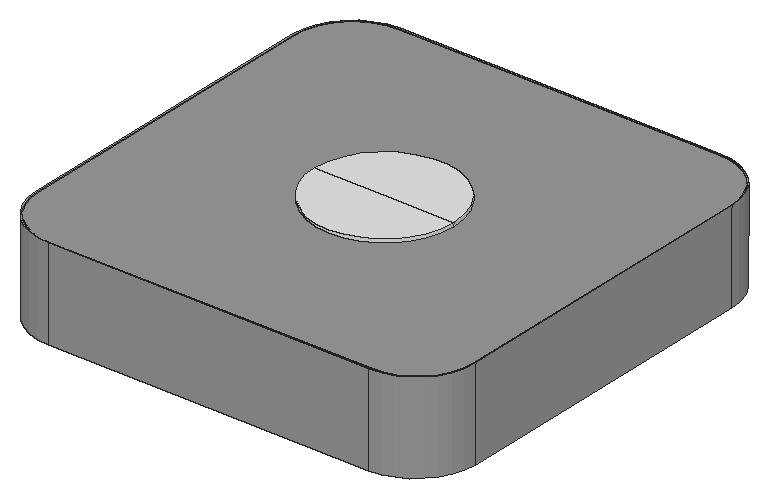
Revit family "Lighting - Lumetta - Pendant - ESM517", category Lighting Fixtures, host Ceiling, Revit 2015
Parameters
  Wattage = 11.7117 W
  built-in parameter 1150110 = 1 (stored number, unit not read)
  URL = "https://lumetta.com/luminaires/slice-surface-mount/"
  Type Comments = ""
  built-in parameter 1114217 = 1 (stored number, unit not read)
  built-in parameter 1150109 = 1 (stored number, unit not read)
  built-in parameter 1150134 = (empty or 0)
  built-in parameter 1150113 = 1 (stored number, unit not read)
  ESM517 URL [instance] = "https://lumetta.com/luminaires/slice-surface-mount/"
  Light Source Symbol Size = 0' - 1"
  Echo Bottom Material [instance] = EP5181701 Shell - D792 Mystic - BTM
  Model = "ESM517"  # constant formula
  Manufacturer = "Lumetta, Inc."  # constant formula
  Lumens = 1300 lm
  built-in parameter 1150115 = 1 (stored number, unit not read)
  built-in parameter 1150105 = 103.45 (stored number, unit not read)
  built-in parameter 1150137 = (empty or 0)
  built-in parameter 1150139 = (empty or 0)
  built-in parameter 1150112 = 1 (stored number, unit not read)
  built-in parameter 1150114 = 1 (stored number, unit not read)
  built-in parameter 1150132 = 1
  built-in parameter 1150102 = (empty or 0)
  built-in parameter 1150138 = (empty or 0)
  built-in parameter 1150107 = 3000 (stored number, unit not read)
  built-in parameter 1150106 = 1.0345 (stored number, unit not read)
  Frame Finish [instance] = Paint - Lumetta - F02 - PC_Chrome
  built-in parameter 1150104 = 10.312 (stored number, unit not read)
  Dimming Lamp Color Temperature Shift = (empty or 0)
  Echo Side Material [instance] = EP5181701 Shell - D791 Navy - Side
  Description = "Slice Surface Mount"  # constant formula
  Bottom Lens-Material [instance] = Acrylic - P95 - Etched White
  Bottom Lens [instance] = yes
  Color Filter = 16777215
  built-in parameter 1114218 = 1 (stored number, unit not read)
  built-in parameter 1150133 = 10 (stored number, unit not read)
Reference planes (in)
  plane 1 "Light Source Axis (F/B)": y = 0
  plane 2 "Ceiling": z = 96
  plane 3 "Light Source Axis (L/R)": x = 0
  plane 4 "Light Source Elevation": z = 94.875
  plane 5 "Fixture- Inner Top": z = 95.375
  plane 6 "Fixture-Inner Radius": x = 6
  plane 7: through (0, 0, 0) normal (-0.5, -0.866, 0)
  plane 8: y = 0
  plane 9: through (0, 0, 0) normal (0.5, -0.866, 0)
  plane 10 "Plane-120": through (-3, 5.19615, 0) normal (0.5, -0.866, 0)
  plane 11 "Plane-240": through (-65.35383, 30.80385, 0) normal (0.5, 0.866, 0)
  plane 12: through (0, 0, 0) normal (-0.866, -0.5, 0)
  plane 13: through (0, 0, 0) normal (0.866, -0.5, 0)
  plane 14 "Fixture-Outer Radius": x = 9
  plane 15 "Fixture- Outer Top": z = 95.875
  plane 16 "Fixture-Outer Height": z = 92.125
Forms (in)
  Revolve 1, solid, material "Paint - Lumetta - F11 - PC_White"
    sketch origin (0, 0, 0) x (1, 0, 0) y (0, 0, 1)
      loop
        line (0, 96) -> (0, 94.94) -> (3, 94.94) -> (3, 95) -> (2.875, 95) -> (2.875, 96) -> (0, 96)
      axis (0, 96) -> (0, 94.94)
    angle from 0 to 360
  Extrusion 2, solid, material "Acrylic - 2447 - White"
    sketch origin (0, 0, 95.875) x (-1, 0, 0) y (0, -1, 0)
      loop
        line (6.625, 9) -> (-6.625, 9)
        arc (-6.625, 9) -> (-8.30438, 8.30438) -> (-9, 6.625) r 2.375
        line (-9, 6.625) -> (-9, -6.625)
        arc (-9, -6.625) -> (-8.30438, -8.30438) -> (-6.625, -9) r 2.375
        line (-6.625, -9) -> (6.625, -9)
        arc (6.625, -9) -> (8.30438, -8.30438) -> (9, -6.625) r 2.375
        line (9, -6.625) -> (9, 6.625)
        arc (9, 6.625) -> (8.30438, 8.30438) -> (6.625, 9) r 2.375
    from -0.12123 to 0
  Extrusion 3, solid, material "EP5181701 Shell - D792 Mystic - BTM" <- "Echo Bottom Material"
    sketch origin (0, 0, 92.125) x (-1, 0, 0) y (0, -1, 0)
      loop
        line (9, -6.625) -> (9, 6.625)
        arc (9, 6.625) -> (8.30438, 8.30438) -> (6.625, 9) r 2.375
        line (6.625, 9) -> (-6.625, 9)
        arc (-6.625, 9) -> (-8.30438, 8.30438) -> (-9, 6.625) r 2.375
        line (-9, 6.625) -> (-9, -6.625)
        arc (-9, -6.625) -> (-8.30438, -8.30438) -> (-6.625, -9) r 2.375
        line (-6.625, -9) -> (6.625, -9)
        arc (6.625, -9) -> (8.30438, -8.30438) -> (9, -6.625) r 2.375
    from 0 to 0.125
  Extrusion 4, solid, material "EP5181701 Shell - D791 Navy - Side" <- "Echo Side Material"
    sketch origin (0, 0, 92.125) x (-1, 0, 0) y (0, -1, 0)
      loop
        arc (9, 6.625) -> (8.30438, 8.30438) -> (6.625, 9) r 2.375
        line (6.625, 9) -> (-6.625, 9)
        arc (-6.625, 9) -> (-8.30438, 8.30438) -> (-9, 6.625) r 2.375
        line (-9, 6.625) -> (-9, -6.625)
        arc (-9, -6.625) -> (-8.30438, -8.30438) -> (-6.625, -9) r 2.375
        line (-6.625, -9) -> (6.625, -9)
        arc (6.625, -9) -> (8.30438, -8.30438) -> (9, -6.625) r 2.375
        line (9, -6.625) -> (9, 6.625)
      loop
        arc (9.0625, 6.625) -> (8.34857, 8.34857) -> (6.625, 9.0625) r 2.4375
        line (6.625, 9.0625) -> (-6.625, 9.0625)
        arc (-6.625, 9.0625) -> (-8.34857, 8.34857) -> (-9.0625, 6.625) r 2.4375
        line (-9.0625, 6.625) -> (-9.0625, -6.625)
        arc (-9.0625, -6.625) -> (-8.34857, -8.34857) -> (-6.625, -9.0625) r 2.4375
        line (-6.625, -9.0625) -> (6.625, -9.0625)
        arc (6.625, -9.0625) -> (8.34857, -8.34857) -> (9.0625, -6.625) r 2.4375
        line (9.0625, -6.625) -> (9.0625, 6.625)
    from 0 to 3.75
Dimensions and locks (in)
  equal spacing: host sketch curve, plane 3 "Light Source Axis (L/R)", host sketch curve
  equal spacing: host sketch curve, plane 1 "Light Source Axis (F/B)", host sketch curve
  host sketch curve to host sketch curve = 10' - 0"  (x2)
  locked: plane 6 "Fixture-Inner Radius" to plane 3 "Light Source Axis (L/R)" at 6
  locked: plane 9 to plane 10 "Plane-120" at 6
  locked: plane 11 "Plane-240" to plane 7 at 6
  locked: plane 14 "Fixture-Outer Radius" to plane 3 "Light Source Axis (L/R)" at 9
  locked: plane 2 "Ceiling" to plane 15 "Fixture- Outer Top" at 0.125
  locked: plane 15 "Fixture- Outer Top" to plane 5 "Fixture- Inner Top" at 0.5
  locked: plane 15 "Fixture- Outer Top" to plane 16 "Fixture-Outer Height" at 3.75
  locked: Revolve 1 sketch curve to Revolve 1 sketch curve at 1
  locked: Revolve 1 sketch curve to plane 2 "Ceiling" at 0
  locked: Revolve 1 sketch curve to Revolve 1 sketch curve at 0.06
  locked: Extrusion 2 sketch curve to Extrusion 2 sketch curve at 18  (x2)
  Extrusion 2 sketch curve to plane 3 "Light Source Axis (L/R)" = 0' - 9"
  Extrusion 2 sketch curve to plane 8 = 0' - 9"
  locked: plane 15 "Fixture- Outer Top" to Extrusion 2 at 0.12123
  locked: plane 2 "Ceiling" to plane 4 "Light Source Elevation" at 1.125
  locked: Extrusion 3 to plane 16 "Fixture-Outer Height"
  locked: Extrusion 3 to Extrusion 3 at 0.125
  aligned and locked: plane 3 "Light Source Axis (L/R)" to imposter light
  aligned and locked: plane 1 "Light Source Axis (F/B)" to imposter light
  aligned and locked: plane 4 "Light Source Elevation" to imposter light
  aligned and locked: Extrusion 2 to plane 15 "Fixture- Outer Top"
  aligned and locked: plane 15 "Fixture- Outer Top" to Extrusion 4
  aligned and locked: Extrusion 4 to plane 16 "Fixture-Outer Height"
